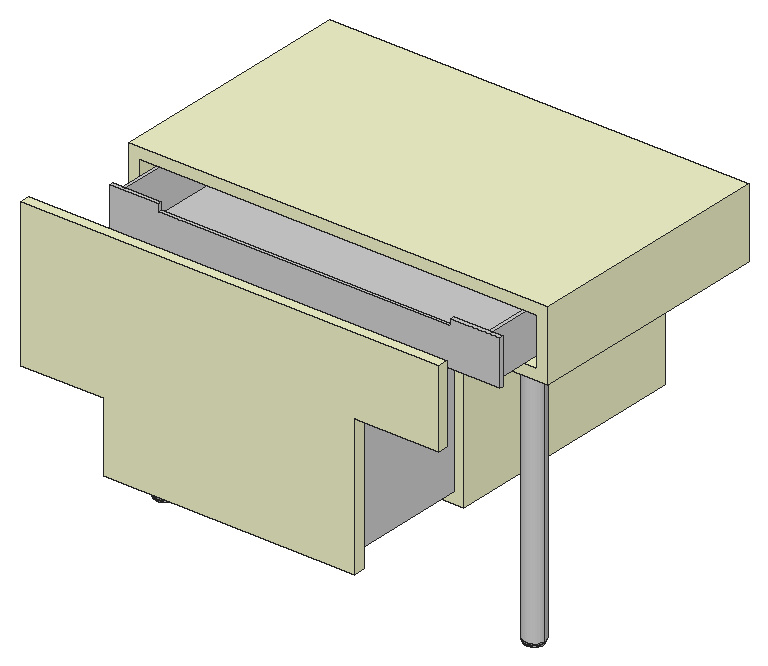
Revit family "Stilt-LivingDivani", category Furniture, Revit 2013
Parameters (values of type "Stilt Aperto")
  URL = "http://www.livingdivani.it"
  Model = "Stilt"
  Mat. Tessuto = Linen, Beige
  Mat. Struttura = Steel, Polished
  Manufacturer = "LivingDivani"
  Codice prodotto = "STLV060"
  Apertura = 36 cm
Types (3, lengths in cm): name | Apertura
  (no name) | 36
  Stilt Chiuso | 18
  Stilt Aperto | 36
Reference planes (cm)
  plane 1 "Centro (Fronte/Retro)": y = 0
  plane 2: z = 0
  plane 3 "Centro (Sinistra/Destra)": x = 0
  plane 4: y = -36
  plane 5: y = -24
Forms (cm)
  Extrusion 1, solid, material "Linen, Beige" <- "Mat. Tessuto"
    sketch origin (0, 0, 0.05) x (1, 0, 0) y (0, 0, 1)
      loop
        line (30, 45.95) -> (-30, 45.95) -> (-30, 24.95) -> (-18, 24.95) -> (-18, 14.95) -> (18, 14.95) -> (18, 34.95) -> (30, 34.95) -> (30, 45.95)
    from 36 to 37.5
  Extrusion 2, solid, material "Linen, Beige" <- "Mat. Tessuto"
    sketch origin (0, 0, 0.05) x (1, 0, 0) y (0, 0, 1)
      loop
        line (-30, 44.95) -> (-30, 24.95) -> (-18, 24.95) -> (-18, 14.95) -> (18, 14.95) -> (18, 34.95) -> (30, 34.95) -> (30, 44.95) -> (-30, 44.95)
      loop
        line (28.5, 43.45) -> (-28.5, 43.45) -> (-28.5, 26.45) -> (-16.5, 26.45) -> (-16.5, 16.45) -> (16.5, 16.45) -> (16.5, 36.45) -> (28.5, 36.45) -> (28.5, 43.45)
    from -18 to 18
  Extrusion 3, solid, material "Linen, Beige" <- "Mat. Tessuto"
    sketch origin (0, 18, 0.05) x (-1, 0, 0) y (0, 0, 1)
      loop
        line (-28.5, 43.45) -> (-28.5, 36.45) -> (-16.5, 36.45) -> (-16.5, 16.45) -> (16.5, 16.45) -> (16.5, 26.45) -> (28.5, 26.45) -> (28.5, 43.45) -> (-28.5, 43.45)
    from -1.5 to 0
  Revolve 4, solid, material "Steel, Polished" <- "Mat. Struttura"
    sketch origin (0, -16, 0) x (1, 0, 0) y (0, 0, 1)
      loop
        arc (25, 0.45) -> (25.0439, 0.3439) -> (25.15, 0.3) r 0.15
        line (25.15, 0.3) -> (25.15, 0.05)
        arc (25.15, 0.05) -> (25.1646, 0.0146) -> (25.2, 0) r 0.05
        line (25.2, 0) -> (26.5, 0) -> (26.5, 35) -> (25, 35) -> (25, 0.45)
      axis (26.5, 35) -> (26.5, 0)
    angle from 0 to 360
  Revolve 5, solid, material "Steel, Polished" <- "Mat. Struttura"
    sketch origin (-26.5, 14, 0) x (1, 0, 0) y (0, 0, 1)
      loop
        arc (25, 0.45) -> (25.0439, 0.3439) -> (25.15, 0.3) r 0.15
        line (25.15, 0.3) -> (25.15, 0.05)
        arc (25.15, 0.05) -> (25.1646, 0.0146) -> (25.2, 0) r 0.05
        line (25.2, 0) -> (26.5, 0) -> (26.5, 15) -> (25, 15) -> (25, 0.45)
      axis (26.5, 15) -> (26.5, 0)
    angle from 0 to 360
  Revolve 6, solid, material "Steel, Polished" <- "Mat. Struttura"
    sketch origin (-53, -16, 0) x (1, 0, 0) y (0, 0, 1)
      loop
        arc (25, 0.45) -> (25.0439, 0.3439) -> (25.15, 0.3) r 0.15
        line (25.15, 0.3) -> (25.15, 0.05)
        arc (25.15, 0.05) -> (25.1646, 0.0146) -> (25.2, 0) r 0.05
        line (25.2, 0) -> (26.5, 0) -> (26.5, 25) -> (25, 25) -> (25, 0.45)
      axis (26.5, 25) -> (26.5, 0)
    angle from 0 to 360
  Extrusion 7, solid, material "Steel, Polished" <- "Mat. Struttura"
    sketch origin (0, -36, 0.05) x (-1, 0, 0) y (0, 0, 1)
      loop
        line (16.5, 26.45) -> (28.5, 26.45) -> (28.5, 34.45) -> (28, 34.45) -> (28, 26.95) -> (16.5, 26.95) -> (16.5, 34.45) -> (16, 34.45) -> (16, 26.95) -> (16, 16.95) -> (-16, 16.95) -> (-16, 34.45) -> (-16.5, 34.45) -> (-16.5, 16.45) -> (16.5, 16.45) -> (16.5, 26.45)
    from 0 to 34
  Extrusion 8, solid, material "Steel, Polished" <- "Mat. Struttura"
    sketch origin (0, -2, 0.05) x (-1, 0, 0) y (0, 0, 1)
      loop
        line (-16.5, 34.45) -> (-16.5, 16.45) -> (16.5, 16.45) -> (16.5, 26.45) -> (28.5, 26.45) -> (28.5, 34.45) -> (-16.5, 34.45)
    from -0.5 to 0
  Extrusion 9, solid, material "Steel, Polished" <- "Mat. Struttura"
    sketch origin (-43.98, -24, 120) x (-1, 0, 0) y (0, 0, 1)
      loop
        line (-15.98, -83.5) -> (-15.98, -77) -> (-22.98, -77) -> (-22.98, -78) -> (-64.98, -78) -> (-64.98, -77) -> (-71.98, -77) -> (-71.98, -83.5) -> (-15.98, -83.5)
    from 0 to 0.5
  Extrusion 10, solid, material "Steel, Polished" <- "Mat. Struttura"
    sketch origin (-43.98, -23.5, 120) x (-1, 0, 0) y (0, 0, 1)
      loop
        line (-17.48, -83.5) -> (-17.48, -77) -> (-17.98, -77) -> (-17.98, -83) -> (-69.98, -83) -> (-69.98, -77) -> (-70.48, -77) -> (-70.48, -83.5) -> (-69.98, -83.5) -> (-17.98, -83.5) -> (-17.48, -83.5)
    from 0 to 16.3227
  Extrusion 11, solid, material "Steel, Polished" <- "Mat. Struttura"
    sketch origin (-43.98, -7.1773, 120) x (-1, 0, 0) y (0, 0, 1)
      loop
        line (-70.48, -83.5) -> (-17.48, -83.5) -> (-17.48, -77) -> (-70.48, -77) -> (-70.48, -83.5)
    from 0 to 0.5
Cuts and joins
  joined: Extrusion 2, Extrusion 3
  joined: Extrusion 7, Extrusion 8
  joined: Extrusion 10, Extrusion 11
Dimensions and locks (cm)
  locked: Extrusion 1 to Extrusion 1 at 1.5
  "Apertura": plane 4 to plane 1 "Centro (Fronte/Retro)"
  locked: plane 4 to plane 5 at 12
  aligned and locked: level to plane 2
  aligned and locked: Extrusion 1 to plane 4
Automatic sketch dimensions
  Extrusion 1 sketch curve to plane 3 "Centro (Sinistra/Destra)" = 30 cm
  level to Extrusion 1 sketch curve = 15 cm
  Extrusion 1 sketch curve to Extrusion 1 sketch curve = 12 cm  (x2)
  plane 3 "Centro (Sinistra/Destra)" to Extrusion 1 sketch curve = 18 cm
  Extrusion 1 sketch curve to Extrusion 1 sketch curve = 10 cm
  Extrusion 1 sketch curve to Extrusion 1 sketch curve = 20 cm
  Extrusion 1 sketch curve to Extrusion 1 sketch curve = 11 cm
  Extrusion 2 sketch curve to plane 3 "Centro (Sinistra/Destra)" = 30 cm
  level to Extrusion 2 sketch curve = 15 cm
  Extrusion 2 sketch curve to Extrusion 2 sketch curve = 1.5 cm  (x8)
  Extrusion 2 sketch curve to Extrusion 2 sketch curve = 10.5 cm  (x2)
  plane 3 "Centro (Sinistra/Destra)" to Extrusion 2 sketch curve = 16.5 cm
  Extrusion 2 sketch curve to Extrusion 2 sketch curve = 10 cm
  Extrusion 2 sketch curve to Extrusion 2 sketch curve = 18.5 cm
  Extrusion 2 sketch curve to Extrusion 2 sketch curve = 17 cm
  Extrusion 2 to Extrusion 3 sketch curve = 0 cm  (x2)
  Extrusion 3 sketch curve to Extrusion 2 = 0 cm  (x6)
  Revolve 4 sketch curve to level = 0 cm  (x2)
  plane 3 "Centro (Sinistra/Destra)" to Revolve 4 sketch curve = 25 cm
  level to Revolve 4 sketch curve = 0.05 cm
  Revolve 4 sketch curve to Revolve 4 sketch curve = 0.15 cm
  Revolve 4 sketch curve to Revolve 4 sketch curve = 1.3 cm
  Revolve 4 sketch curve to Revolve 4 sketch curve = 0 cm  (x2)
  Revolve 4 sketch curve to Revolve 4 sketch curve = 0.25 cm
  Revolve 4 sketch curve to Revolve 4 sketch curve = 34.55 cm
  Revolve 5 sketch curve to level = 0 cm  (x2)
  Revolve 5 sketch curve to plane 3 "Centro (Sinistra/Destra)" = 0 cm  (x2)
  level to Revolve 5 sketch curve = 0.05 cm
  Revolve 5 sketch curve to Revolve 5 sketch curve = 1.3 cm
  Revolve 5 sketch curve to Revolve 5 sketch curve = 0.15 cm
  Revolve 5 sketch curve to Revolve 5 sketch curve = 0.25 cm
  Revolve 5 sketch curve to Revolve 5 sketch curve = 14.55 cm
  Revolve 5 sketch curve to Revolve 5 sketch curve = 20 cm
  Revolve 6 sketch curve to level = 0 cm  (x2)
  Revolve 6 sketch curve to plane 3 "Centro (Sinistra/Destra)" = 28 cm
  level to Revolve 6 sketch curve = 0.05 cm
  Revolve 6 sketch curve to Revolve 6 sketch curve = 0.15 cm
  Revolve 6 sketch curve to Revolve 6 sketch curve = 1.3 cm
  Revolve 6 sketch curve to Revolve 6 sketch curve = 0 cm
  Revolve 6 sketch curve to Revolve 6 sketch curve = 0.25 cm
  Revolve 6 sketch curve to Revolve 6 sketch curve = 24.55 cm
  Revolve 6 sketch curve to Revolve 6 sketch curve = 10 cm
  Extrusion 1 to Extrusion 7 sketch curve = 0.5 cm  (x3)
  Extrusion 7 sketch curve to Extrusion 1 = 1.5 cm  (x3)
  Extrusion 7 sketch curve to Extrusion 7 sketch curve = 0.5 cm  (x5)
  Extrusion 7 sketch curve to Extrusion 1 = 2 cm  (x2)
  Extrusion 7 sketch curve to Extrusion 7 sketch curve = 0 cm  (x2)
  Extrusion 8 sketch curve to Extrusion 7 = 0 cm  (x5)
  Extrusion 7 to Extrusion 8 sketch curve = 0 cm
  plane 3 "Centro (Sinistra/Destra)" to Extrusion 9 sketch curve = 28 cm
  level to Extrusion 9 sketch curve = 36.5 cm
  Extrusion 9 sketch curve to plane 3 "Centro (Sinistra/Destra)" = 21 cm
  Extrusion 9 sketch curve to Extrusion 9 sketch curve = 7 cm  (x2)
  Extrusion 9 sketch curve to Extrusion 9 sketch curve = 5.5 cm
  Extrusion 9 sketch curve to Extrusion 9 sketch curve = 6.5 cm
  level to Extrusion 9 sketch curve = 43 cm
  Extrusion 10 sketch curve to Extrusion 9 = 0 cm  (x3)
  Extrusion 10 sketch curve to Extrusion 9 = 1.5 cm
  Extrusion 10 sketch curve to Extrusion 10 sketch curve = 0.5 cm  (x2)
  Extrusion 10 sketch curve to Extrusion 9 = 2 cm  (x3)
  Extrusion 10 sketch curve to Extrusion 9 = 0.5 cm
  Extrusion 11 sketch curve to Extrusion 10 = 0 cm  (x3)
  Extrusion 10 to Extrusion 11 sketch curve = 0 cm
